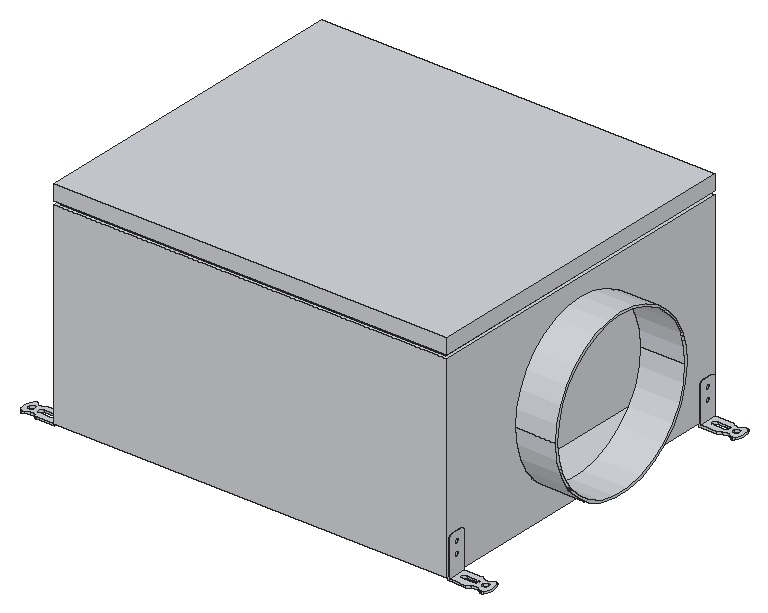
Revit family "CF-1100", category Обобщенные модели, Revit 2018
Family settings
  Может служить основой для арматурных стержней = Нет
  Размер круглого соединителя = Использовать диаметр
  Тип детали = Нормальный
  На основе рабочей плоскости = Нет
  Всегда вертикально = Да
  При загрузке вырезать с полостями = Нет
  Общий = Нет
  Точка расчета площади = Нет
Parameters (values of type "CF-1100")
  Уровень шума, дБ = "26-58"
  Тип вентилятора = "ЕС"
  Температура приточного воздуха = "+7...+30"
  Стоимость = 199000
  Рабочая температура, С = "-30...+50"
  Производительность (max), м3/ч = "1137"
  Описание = "Приточная установка"
  Напряжение питания, В/Гц = "220/50 и 380/50"
  Мощность воздухонагревателя, кВт = "8,8 (2,2х4)"
  Мощность вентилятора, кВт = "0,170"
  Комментарии к типоразмеру = "Для подходит для помещений до 205м2"
  Количество скоростей = "10"
  Код по классификатору = "D3040100"
  Кабель питания, мм = "КГ 3х6 или ВВГнг 3х6 / КГ 5х4 или ВВГнг 5х4"
  Изображение типоразмера = <Нет>
  Изготовитель = "Horynize"
  Габаритные размеры (ДхШхВ), мм = "677х577х371"
  Вес, кг = "39"
  URL = "https://www.horynize.ru/horynize-cf-1100.html"
Reference planes
  plane 1 "По центру (Вперед/Назад)": y = 0
  plane 2: z = 0
  plane 3 "По центру (Влево/Вправо)": x = 0
Forms (mm)
  Extrusion 1, solid
    sketch origin (-338.5, -823.5, 0) x (1, 0, 0) y (0, 1, 0)
      loop
        line (0, 535) -> (677, 535) -> (677, 1112) -> (0, 1112) -> (0, 535)
    from 0 to 371
  Extrusion 2, void
    sketch origin (0, 0, 339) x (1, 0, 0) y (0, 1, 0)
      loop
        line (-345, 295) -> (-345, -296.673) -> (345.29, -296.673) -> (345.29, 295) -> (-345, 295)
      loop
        line (-332.5, 282.5) -> (-332.5, -282.5) -> (332.5, -282.5) -> (332.5, 282.5) -> (-332.5, 282.5)
    from 0 to 6
  Extrusion 3, solid
    sketch origin (-338.5, -651.5, 0) x (0, -1, 0) y (0, 0, 1)
      loop
        line (-938, -4) -> (-906, -4) -> (-906, 66) -> (-938, 66) -> (-938, -4)
    from 0 to 65.264
  Extrusion 4, void
    sketch origin (-403.764, -651.5, 0) x (0, 1, 0) y (0, 0, 1)
      loop
        line (885, 73.157) -> (885, -1) -> (959.745, -1) -> (959.745, 73.157) -> (885, 73.157)
    from -5.804 to 62.264
  Extrusion 5, void
    sketch origin (-403.764, 294.5, -1) x (1, 0, 0) y (0, -1, 0)
      loop
        line (29.264, 19.5) -> (49.264, 19.5)
        arc (49.264, 19.5) -> (53.764, 24) -> (49.264, 28.5) r 4.5
        line (49.264, 28.5) -> (29.264, 28.5)
        arc (29.264, 28.5) -> (24.764, 24) -> (29.264, 19.5) r 4.5
      loop
        arc (32.632, 8) -> (30.081, 8.723) -> (27.888, 10.212) r 8.309
        arc (27.888, 10.212) -> (18.847, 13.535) -> (10.203, 9.285) r 12.236
        arc (10.203, 9.285) -> (6.902, 7.94) -> (3.886, 9.838) r 3.901
        arc (3.886, 9.838) -> (0.006, 24) -> (3.886, 38.162) r 27.787
        arc (3.886, 38.162) -> (6.76, 40.042) -> (10.004, 38.914) r 3.893
        arc (10.004, 38.914) -> (18.648, 34.942) -> (27.76, 37.672) r 13.469
        arc (27.76, 37.672) -> (30.433, 39.207) -> (33.411, 40) r 11.833
        line (33.411, 40) -> (33.411, 47.176) -> (-7.368, 47.176) -> (-7.368, 0.848) -> (32.632, 0.848) -> (32.632, 8)
      loop
        circle (12.512, 24.009) r 5.5
    from 0 to 3
  Extrusion 6, void
    sketch origin (-341.5, -651.5, 0) x (0, 1, 0) y (0, 0, 1)
      loop
        circle (922, 51) r 4.5
      loop
        circle (922, 31) r 4.5
      loop
        arc (906, 58) -> (908.343, 63.657) -> (914, 66) r 8
        line (914, 66) -> (930, 66)
        arc (930, 66) -> (935.657, 63.657) -> (938, 58) r 8
        line (938, 58) -> (943.843, 58) -> (943.843, 71.519) -> (899.977, 71.519) -> (899.977, 58) -> (906, 58)
    from 0 to 3
  Extrusion 7, solid
    sketch origin (-338.5, -1192.5, 0) x (0, -1, 0) y (0, 0, 1)
      loop
        line (-938, -4) -> (-906, -4) -> (-906, 66) -> (-938, 66) -> (-938, -4)
    from 0 to 65.264
  Extrusion 8, void
    sketch origin (-403.764, -1192.5, 0) x (0, 1, 0) y (0, 0, 1)
      loop
        line (885, 73.157) -> (885, -1) -> (959.745, -1) -> (959.745, 73.157) -> (885, 73.157)
    from -5.804 to 62.264
  Extrusion 9, void
    sketch origin (-403.764, -246.5, -1) x (1, 0, 0) y (0, -1, 0)
      loop
        line (29.264, 19.5) -> (49.264, 19.5)
        arc (49.264, 19.5) -> (53.764, 24) -> (49.264, 28.5) r 4.5
        line (49.264, 28.5) -> (29.264, 28.5)
        arc (29.264, 28.5) -> (24.764, 24) -> (29.264, 19.5) r 4.5
      loop
        arc (32.632, 8) -> (30.081, 8.723) -> (27.888, 10.212) r 8.309
        arc (27.888, 10.212) -> (18.847, 13.535) -> (10.203, 9.285) r 12.236
        arc (10.203, 9.285) -> (6.902, 7.94) -> (3.886, 9.838) r 3.901
        arc (3.886, 9.838) -> (0.006, 24) -> (3.886, 38.162) r 27.787
        arc (3.886, 38.162) -> (6.76, 40.042) -> (10.004, 38.914) r 3.893
        arc (10.004, 38.914) -> (18.648, 34.942) -> (27.76, 37.672) r 13.469
        arc (27.76, 37.672) -> (30.433, 39.207) -> (33.411, 40) r 11.833
        line (33.411, 40) -> (33.411, 47.176) -> (-7.368, 47.176) -> (-7.368, 0.848) -> (32.632, 0.848) -> (32.632, 8)
      loop
        circle (12.512, 24.009) r 5.5
    from 0 to 3
  Extrusion 10, void
    sketch origin (-341.5, -1192.5, 0) x (0, 1, 0) y (0, 0, 1)
      loop
        circle (922, 51) r 4.5
      loop
        circle (922, 31) r 4.5
      loop
        arc (906, 58) -> (908.343, 63.657) -> (914, 66) r 8
        line (914, 66) -> (930, 66)
        arc (930, 66) -> (935.657, 63.657) -> (938, 58) r 8
        line (938, 58) -> (943.843, 58) -> (943.843, 71.519) -> (899.977, 71.519) -> (899.977, 58) -> (906, 58)
    from 0 to 3
  Extrusion 11, solid
    sketch origin (338.5, -651.5, 0) x (0, -1, 0) y (0, 0, -1)
      loop
        line (-938, 4) -> (-938, -66) -> (-906, -66) -> (-906, 4) -> (-938, 4)
    from 0 to 65.264
  Extrusion 12, void
    sketch origin (403.764, -651.5, 0) x (0, 1, 0) y (0, 0, -1)
      loop
        line (885, -73.157) -> (959.745, -73.157) -> (959.745, 1) -> (885, 1) -> (885, -73.157)
    from -5.804 to 62.264
  Extrusion 13, void
    sketch origin (403.764, 294.5, -1) x (1, 0, 0) y (0, -1, 0)
      loop
        arc (-29.264, 19.5) -> (-24.764, 24) -> (-29.264, 28.5) r 4.5
        line (-29.264, 28.5) -> (-49.264, 28.5)
        arc (-49.264, 28.5) -> (-53.764, 24) -> (-49.264, 19.5) r 4.5
        line (-49.264, 19.5) -> (-29.264, 19.5)
      loop
        line (-32.632, 8) -> (-32.632, 0.848) -> (7.368, 0.848) -> (7.368, 47.176) -> (-33.411, 47.176) -> (-33.411, 40)
        arc (-33.411, 40) -> (-30.433, 39.207) -> (-27.76, 37.672) r 11.833
        arc (-27.76, 37.672) -> (-18.648, 34.942) -> (-10.004, 38.914) r 13.469
        arc (-10.004, 38.914) -> (-6.76, 40.042) -> (-3.886, 38.162) r 3.893
        arc (-3.886, 38.162) -> (-0.006, 24) -> (-3.886, 9.838) r 27.787
        arc (-3.886, 9.838) -> (-6.902, 7.94) -> (-10.203, 9.285) r 3.901
        arc (-10.203, 9.285) -> (-18.847, 13.535) -> (-27.888, 10.212) r 12.236
        arc (-27.888, 10.212) -> (-30.081, 8.723) -> (-32.632, 8) r 8.309
      loop
        circle (-12.512, 24.009) r 5.5
    from 0 to 3
  Extrusion 14, void
    sketch origin (341.5, -651.5, 0) x (0, 1, 0) y (0, 0, -1)
      loop
        circle (922, -51) r 4.5
      loop
        circle (922, -31) r 4.5
      loop
        line (906, -58) -> (899.977, -58) -> (899.977, -71.519) -> (943.843, -71.519) -> (943.843, -58) -> (938, -58)
        arc (938, -58) -> (935.657, -63.657) -> (930, -66) r 8
        line (930, -66) -> (914, -66)
        arc (914, -66) -> (908.343, -63.657) -> (906, -58) r 8
    from 0 to 3
  Extrusion 15, solid
    sketch origin (338.5, -1192.5, 0) x (0, -1, 0) y (0, 0, -1)
      loop
        line (-938, 4) -> (-938, -66) -> (-906, -66) -> (-906, 4) -> (-938, 4)
    from 0 to 65.264
  Extrusion 16, void
    sketch origin (403.764, -1192.5, 0) x (0, 1, 0) y (0, 0, -1)
      loop
        line (885, -73.157) -> (959.745, -73.157) -> (959.745, 1) -> (885, 1) -> (885, -73.157)
    from -5.804 to 62.264
  Extrusion 17, void
    sketch origin (403.764, -246.5, -1) x (1, 0, 0) y (0, -1, 0)
      loop
        arc (-29.264, 19.5) -> (-24.764, 24) -> (-29.264, 28.5) r 4.5
        line (-29.264, 28.5) -> (-49.264, 28.5)
        arc (-49.264, 28.5) -> (-53.764, 24) -> (-49.264, 19.5) r 4.5
        line (-49.264, 19.5) -> (-29.264, 19.5)
      loop
        line (-32.632, 8) -> (-32.632, 0.848) -> (7.368, 0.848) -> (7.368, 47.176) -> (-33.411, 47.176) -> (-33.411, 40)
        arc (-33.411, 40) -> (-30.433, 39.207) -> (-27.76, 37.672) r 11.833
        arc (-27.76, 37.672) -> (-18.648, 34.942) -> (-10.004, 38.914) r 13.469
        arc (-10.004, 38.914) -> (-6.76, 40.042) -> (-3.886, 38.162) r 3.893
        arc (-3.886, 38.162) -> (-0.006, 24) -> (-3.886, 9.838) r 27.787
        arc (-3.886, 9.838) -> (-6.902, 7.94) -> (-10.203, 9.285) r 3.901
        arc (-10.203, 9.285) -> (-18.847, 13.535) -> (-27.888, 10.212) r 12.236
        arc (-27.888, 10.212) -> (-30.081, 8.723) -> (-32.632, 8) r 8.309
      loop
        circle (-12.512, 24.009) r 5.5
    from 0 to 3
  Extrusion 18, void
    sketch origin (341.5, -1192.5, 0) x (0, 1, 0) y (0, 0, -1)
      loop
        circle (922, -51) r 4.5
      loop
        circle (922, -31) r 4.5
      loop
        line (906, -58) -> (899.977, -58) -> (899.977, -71.519) -> (943.843, -71.519) -> (943.843, -58) -> (938, -58)
        arc (938, -58) -> (935.657, -63.657) -> (930, -66) r 8
        line (930, -66) -> (914, -66)
        arc (914, -66) -> (908.343, -63.657) -> (906, -58) r 8
    from 0 to 3
  Extrusion 19, solid
    sketch origin (-338.5, -730, 53) x (0, -1, 0) y (0, 0, 1)
      loop
        circle (-730, 115) r 141
    from -6 to 70
  Extrusion 20, void
    sketch origin (55, -35.5, 17) x (1, 0, 0) y (0, 1, 0)
      loop
        line (-387.5, 318) -> (-387.5, -247) -> (-306.5, -247) -> (-306.5, 318) -> (-387.5, 318)
    from 0 to 307
  Extrusion 21, void
    sketch origin (44, 0, 53) x (0, 1, 0) y (0, 0, 1)
      loop
        circle (0, 115) r 141.5
    from -382.5 to -354
  Extrusion 22, void
    sketch origin (5.5, 0, 53) x (0, 1, 0) y (0, 0, 1)
      loop
        circle (0, 115) r 138
    from -429.653 to -304
  Extrusion 23, solid
    sketch origin (355.5, -730, 53) x (0, -1, 0) y (0, 0, -1)
      loop
        circle (-730, -115) r 141
    from -23 to 53
  Extrusion 24, void
    sketch origin (-55, -33.5, 17) x (-1, 0, 0) y (0, -1, 0)
      loop
        line (-387.5, -316) -> (-307.881, -316) -> (-307.881, 249) -> (-387.5, 249) -> (-387.5, -316)
    from 0 to 307
  Extrusion 25, void
    sketch origin (-51, 0, 53) x (0, 1, 0) y (0, 0, -1)
      loop
        circle (0, -115) r 141.5
    from -389.5 to -373.5
  Extrusion 26, void
    sketch origin (-10.5, 0, 53) x (0, 1, 0) y (0, 0, -1)
      loop
        circle (0, -115) r 138
    from -454.266 to -314
  Extrusion 27, void
    sketch origin (216.588, -34.5, 17) x (1, 0, 0) y (0, 1, 0)
      loop
        line (-463.588, 317) -> (-463.588, -248) -> (31.744, -248) -> (31.744, 317) -> (-463.588, 317)
    from -7.721 to 307
  Extrusion 28, void
    sketch origin (338.5, -119.5, 0) x (0, -1, 0) y (0, 0, 1)
      loop
        circle (-299.5, 27) r 20
    from 0 to 2
Cuts and joins
  Extrusion 2, Extrusion 6, Extrusion 10, Extrusion 14, Extrusion 18, Extrusion 20, Extrusion 21, Extrusion 22, Extrusion 24, Extrusion 25, Extrusion 27, Extrusion 28 cuts Extrusion 1
  Extrusion 4, Extrusion 5, Extrusion 6, Extrusion 8, Extrusion 9, Extrusion 10, Extrusion 12, Extrusion 13, Extrusion 14 cuts Extrusion 3
  Extrusion 8, Extrusion 9, Extrusion 10, Extrusion 16, Extrusion 17, Extrusion 18 cuts Extrusion 7
  Extrusion 12, Extrusion 13, Extrusion 14 cuts Extrusion 11
  Extrusion 16, Extrusion 17, Extrusion 18 cuts Extrusion 15
  Extrusion 21, Extrusion 22, Extrusion 25, Extrusion 26 cuts Extrusion 19
  Extrusion 24, Extrusion 26 cuts Extrusion 23
Dimensions and locks
  connector elem to plane 1 "По центру (Вперед/Назад)" = 0 mm
  aligned and locked: level to plane 2
Connectors
  hvac at (408.5, 0, 168)
    settings: on cut or joined group of Extrusion 23, Extrusion 24, Extrusion 26, index 1, duct flow 920.0 m³/h, flow factor 0, pres drop 200.0 Pa, loss coef 0, conn angle 0.00°, conn width 304.8 mm, conn height 304.8 mm, conn diameter 280 mm, duct sys type 1, conn prof type 0, flow config 1, flow direction 2, loss method 4, conn ref index 2, conn util no, is conn primary no, conn desc ""
  hvac at (-408.5, 0, 168)
    settings: on cut or joined group of Extrusion 19, Extrusion 21, Extrusion 22, Extrusion 25, Extrusion 26, index 2, duct flow 920.0 m³/h, flow factor 0, pres drop 200.0 Pa, loss coef 0, conn angle 0.00°, conn width 304.8 mm, conn height 304.8 mm, conn diameter 280 mm, duct sys type 1, conn prof type 0, flow config 1, flow direction 1, loss method 4, conn ref index 1, conn util no, is conn primary yes, conn desc ""
  electrical at (338.5, 180, 27)
    settings: on cut or joined group of Extrusion 1, Extrusion 2, Extrusion 6, Extrusion 10, Extrusion 14, Extrusion 18, Extrusion 20, Extrusion 21, Extrusion 22, Extrusion 24, Extrusion 25, Extrusion 27, Extrusion 28, index 3, voltage 380 V, apparent load 8.970 kW, apparent load phase1 0.000 kW, apparent load phase2 0.000 kW, apparent load phase3 0.000 kW, power factor 1, load classification "Прочее", number of poles 1, system type 30, power factor state 1, is connector primary yes, connector utility no, sub classification motor no, connector description ""
